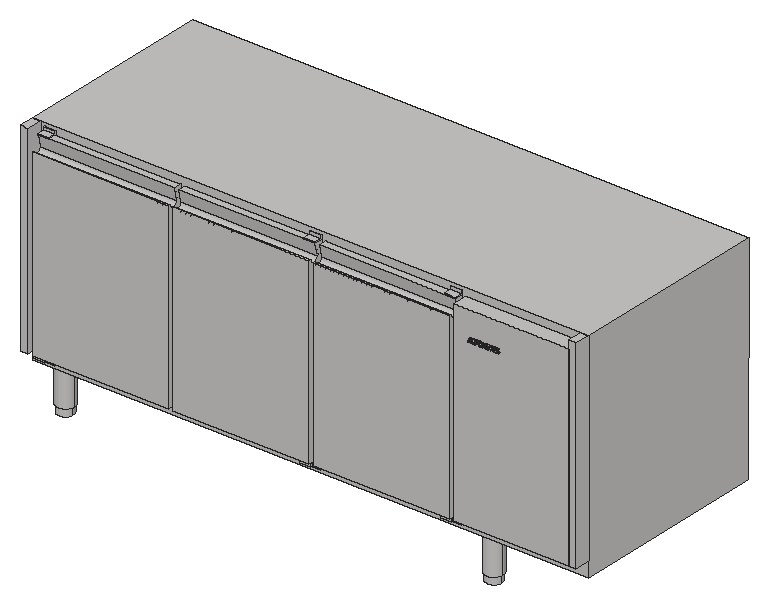
Revit family "QF_ALPENINOX_712277_AH3K5AAA", category Attrezzature speciali, Revit 2018 (continued)
Definition of nested family "HPP_APX_BI_BT_R"
  Lines and regions (mm)
    Split face 119
      outline origin (12.5, -216, 50) x (1, 0, 0) y (0, 1, 0)
        loop
          arc (39.036, 215.824) -> (35.036, 211.824) -> (39.036, 207.824) r 4
          line (39.036, 207.824) -> (81.036, 207.824)
          arc (81.036, 207.824) -> (85.036, 211.824) -> (81.036, 215.824) r 4
          line (81.036, 215.824) -> (39.036, 215.824)
    Split face 120
      outline origin (12.5, -216, 50) x (1, 0, 0) y (0, 1, 0)
        loop
          arc (94.036, 215.824) -> (90.036, 211.824) -> (94.036, 207.824) r 4
          line (94.036, 207.824) -> (136.036, 207.824)
          arc (136.036, 207.824) -> (140.036, 211.824) -> (136.036, 215.824) r 4
          line (136.036, 215.824) -> (94.036, 215.824)
    Split face 121
      outline origin (12.5, -240, 50) x (1, 0, 0) y (0, 1, 0)
        loop
          arc (39.036, 227.824) -> (35.036, 223.824) -> (39.036, 219.824) r 4
          line (39.036, 219.824) -> (81.036, 219.824)
          arc (81.036, 219.824) -> (85.036, 223.824) -> (81.036, 227.824) r 4
          line (81.036, 227.824) -> (39.036, 227.824)
    Split face 122
      outline origin (12.5, -240, 50) x (1, 0, 0) y (0, 1, 0)
        loop
          arc (94.036, 227.824) -> (90.036, 223.824) -> (94.036, 219.824) r 4
          line (94.036, 219.824) -> (136.036, 219.824)
          arc (136.036, 219.824) -> (140.036, 223.824) -> (136.036, 227.824) r 4
          line (136.036, 227.824) -> (94.036, 227.824)
    Split face 123
      outline origin (12.5, -264, 50) x (1, 0, 0) y (0, 1, 0)
        loop
          arc (39.036, 239.824) -> (35.036, 235.824) -> (39.036, 231.824) r 4
          line (39.036, 231.824) -> (81.036, 231.824)
          arc (81.036, 231.824) -> (85.036, 235.824) -> (81.036, 239.824) r 4
          line (81.036, 239.824) -> (39.036, 239.824)
    Split face 124
      outline origin (12.5, -264, 50) x (1, 0, 0) y (0, 1, 0)
        loop
          arc (94.036, 239.824) -> (90.036, 235.824) -> (94.036, 231.824) r 4
          line (94.036, 231.824) -> (136.036, 231.824)
          arc (136.036, 231.824) -> (140.036, 235.824) -> (136.036, 239.824) r 4
          line (136.036, 239.824) -> (94.036, 239.824)
    Split face 125
      outline origin (12.5, -288, 50) x (1, 0, 0) y (0, 1, 0)
        loop
          arc (39.036, 251.824) -> (35.036, 247.824) -> (39.036, 243.824) r 4
          line (39.036, 243.824) -> (81.036, 243.824)
          arc (81.036, 243.824) -> (85.036, 247.824) -> (81.036, 251.824) r 4
          line (81.036, 251.824) -> (39.036, 251.824)
    Split face 126
      outline origin (12.5, -288, 50) x (1, 0, 0) y (0, 1, 0)
        loop
          arc (94.036, 251.824) -> (90.036, 247.824) -> (94.036, 243.824) r 4
          line (94.036, 243.824) -> (136.036, 243.824)
          arc (136.036, 243.824) -> (140.036, 247.824) -> (136.036, 251.824) r 4
          line (136.036, 251.824) -> (94.036, 251.824)
    Split face 127
      outline origin (12.5, -312, 50) x (1, 0, 0) y (0, 1, 0)
        loop
          arc (39.036, 263.824) -> (35.036, 259.824) -> (39.036, 255.824) r 4
          line (39.036, 255.824) -> (81.036, 255.824)
          arc (81.036, 255.824) -> (85.036, 259.824) -> (81.036, 263.824) r 4
          line (81.036, 263.824) -> (39.036, 263.824)
    Split face 128
      outline origin (12.5, -312, 50) x (1, 0, 0) y (0, 1, 0)
        loop
          arc (94.036, 263.824) -> (90.036, 259.824) -> (94.036, 255.824) r 4
          line (94.036, 255.824) -> (136.036, 255.824)
          arc (136.036, 255.824) -> (140.036, 259.824) -> (136.036, 263.824) r 4
          line (136.036, 263.824) -> (94.036, 263.824)
    Split face 129
      outline origin (12.5, -336, 50) x (1, 0, 0) y (0, 1, 0)
        loop
          arc (39.036, 275.824) -> (35.036, 271.824) -> (39.036, 267.824) r 4
          line (39.036, 267.824) -> (81.036, 267.824)
          arc (81.036, 267.824) -> (85.036, 271.824) -> (81.036, 275.824) r 4
          line (81.036, 275.824) -> (39.036, 275.824)
    Split face 130
      outline origin (12.5, -336, 50) x (1, 0, 0) y (0, 1, 0)
        loop
          arc (94.036, 275.824) -> (90.036, 271.824) -> (94.036, 267.824) r 4
          line (94.036, 267.824) -> (136.036, 267.824)
          arc (136.036, 267.824) -> (140.036, 271.824) -> (136.036, 275.824) r 4
          line (136.036, 275.824) -> (94.036, 275.824)
    Split face 131
      outline origin (12.5, -360, 50) x (1, 0, 0) y (0, 1, 0)
        loop
          arc (39.036, 287.824) -> (35.036, 283.824) -> (39.036, 279.824) r 4
          line (39.036, 279.824) -> (81.036, 279.824)
          arc (81.036, 279.824) -> (85.036, 283.824) -> (81.036, 287.824) r 4
          line (81.036, 287.824) -> (39.036, 287.824)
    Split face 132
      outline origin (12.5, -360, 50) x (1, 0, 0) y (0, 1, 0)
        loop
          arc (94.036, 287.824) -> (90.036, 283.824) -> (94.036, 279.824) r 4
          line (94.036, 279.824) -> (136.036, 279.824)
          arc (136.036, 279.824) -> (140.036, 283.824) -> (136.036, 287.824) r 4
          line (136.036, 287.824) -> (94.036, 287.824)
    Split face 133
      outline origin (12.5, -663.3, 50) x (1, 0, 0) y (0, 1, 0)
        loop
          arc (39.036, 463.474) -> (35.036, 459.474) -> (39.036, 455.474) r 4
          line (39.036, 455.474) -> (81.036, 455.474)
          arc (81.036, 455.474) -> (85.036, 459.474) -> (81.036, 463.474) r 4
          line (81.036, 463.474) -> (39.036, 463.474)
    Split face 134
      outline origin (12.5, -663.3, 50) x (1, 0, 0) y (0, 1, 0)
        loop
          arc (94.036, 463.474) -> (90.036, 459.474) -> (94.036, 455.474) r 4
          line (94.036, 455.474) -> (136.036, 455.474)
          arc (136.036, 455.474) -> (140.036, 459.474) -> (136.036, 463.474) r 4
          line (136.036, 463.474) -> (94.036, 463.474)
    Split face 135
      outline origin (12.5, -687.3, 50) x (1, 0, 0) y (0, 1, 0)
        loop
          arc (39.036, 475.474) -> (35.036, 471.474) -> (39.036, 467.474) r 4
          line (39.036, 467.474) -> (81.036, 467.474)
          arc (81.036, 467.474) -> (85.036, 471.474) -> (81.036, 475.474) r 4
          line (81.036, 475.474) -> (39.036, 475.474)
    Split face 136
      outline origin (12.5, -687.3, 50) x (1, 0, 0) y (0, 1, 0)
        loop
          arc (94.036, 475.474) -> (90.036, 471.474) -> (94.036, 467.474) r 4
          line (94.036, 467.474) -> (136.036, 467.474)
          arc (136.036, 467.474) -> (140.036, 471.474) -> (136.036, 475.474) r 4
          line (136.036, 475.474) -> (94.036, 475.474)
    Split face 137
      outline origin (12.5, -711.3, 50) x (1, 0, 0) y (0, 1, 0)
        loop
          arc (39.036, 487.474) -> (35.036, 483.474) -> (39.036, 479.474) r 4
          line (39.036, 479.474) -> (81.036, 479.474)
          arc (81.036, 479.474) -> (85.036, 483.474) -> (81.036, 487.474) r 4
          line (81.036, 487.474) -> (39.036, 487.474)
    Split face 138
      outline origin (12.5, -711.3, 50) x (1, 0, 0) y (0, 1, 0)
        loop
          arc (94.036, 487.474) -> (90.036, 483.474) -> (94.036, 479.474) r 4
          line (94.036, 479.474) -> (136.036, 479.474)
          arc (136.036, 479.474) -> (140.036, 483.474) -> (136.036, 487.474) r 4
          line (136.036, 487.474) -> (94.036, 487.474)
    Split face 139
      outline origin (12.5, -735.3, 50) x (1, 0, 0) y (0, 1, 0)
        loop
          arc (39.036, 499.474) -> (35.036, 495.474) -> (39.036, 491.474) r 4
          line (39.036, 491.474) -> (81.036, 491.474)
          arc (81.036, 491.474) -> (85.036, 495.474) -> (81.036, 499.474) r 4
          line (81.036, 499.474) -> (39.036, 499.474)
    Split face 140
      outline origin (12.5, -735.3, 50) x (1, 0, 0) y (0, 1, 0)
        loop
          arc (94.036, 499.474) -> (90.036, 495.474) -> (94.036, 491.474) r 4
          line (94.036, 491.474) -> (136.036, 491.474)
          arc (136.036, 491.474) -> (140.036, 495.474) -> (136.036, 499.474) r 4
          line (136.036, 499.474) -> (94.036, 499.474)
    Split face 141
      outline origin (12.5, -759.3, 50) x (1, 0, 0) y (0, 1, 0)
        loop
          arc (39.036, 511.474) -> (35.036, 507.474) -> (39.036, 503.474) r 4
          line (39.036, 503.474) -> (81.036, 503.474)
          arc (81.036, 503.474) -> (85.036, 507.474) -> (81.036, 511.474) r 4
          line (81.036, 511.474) -> (39.036, 511.474)
    Split face 142
      outline origin (12.5, -759.3, 50) x (1, 0, 0) y (0, 1, 0)
        loop
          arc (94.036, 511.474) -> (90.036, 507.474) -> (94.036, 503.474) r 4
          line (94.036, 503.474) -> (136.036, 503.474)
          arc (136.036, 503.474) -> (140.036, 507.474) -> (136.036, 511.474) r 4
          line (136.036, 511.474) -> (94.036, 511.474)
    Split face 143
      outline origin (12.5, -783.3, 50) x (1, 0, 0) y (0, 1, 0)
        loop
          arc (39.036, 523.474) -> (35.036, 519.474) -> (39.036, 515.474) r 4
          line (39.036, 515.474) -> (81.036, 515.474)
          arc (81.036, 515.474) -> (85.036, 519.474) -> (81.036, 523.474) r 4
          line (81.036, 523.474) -> (39.036, 523.474)
    Split face 144
      outline origin (12.5, -783.3, 50) x (1, 0, 0) y (0, 1, 0)
        loop
          arc (94.036, 523.474) -> (90.036, 519.474) -> (94.036, 515.474) r 4
          line (94.036, 515.474) -> (136.036, 515.474)
          arc (136.036, 515.474) -> (140.036, 519.474) -> (136.036, 523.474) r 4
          line (136.036, 523.474) -> (94.036, 523.474)
    Split face 145
      outline origin (12.5, -807.3, 50) x (1, 0, 0) y (0, 1, 0)
        loop
          arc (39.036, 535.474) -> (35.036, 531.474) -> (39.036, 527.474) r 4
          line (39.036, 527.474) -> (81.036, 527.474)
          arc (81.036, 527.474) -> (85.036, 531.474) -> (81.036, 535.474) r 4
          line (81.036, 535.474) -> (39.036, 535.474)
    Split face 146
      outline origin (12.5, -807.3, 50) x (1, 0, 0) y (0, 1, 0)
        loop
          arc (94.036, 535.474) -> (90.036, 531.474) -> (94.036, 527.474) r 4
          line (94.036, 527.474) -> (136.036, 527.474)
          arc (136.036, 527.474) -> (140.036, 531.474) -> (136.036, 535.474) r 4
          line (136.036, 535.474) -> (94.036, 535.474)
    Split face 147
      outline origin (12.5, -831.3, 50) x (1, 0, 0) y (0, 1, 0)
        loop
          arc (39.036, 547.474) -> (35.036, 543.474) -> (39.036, 539.474) r 4
          line (39.036, 539.474) -> (81.036, 539.474)
          arc (81.036, 539.474) -> (85.036, 543.474) -> (81.036, 547.474) r 4
          line (81.036, 547.474) -> (39.036, 547.474)
    Split face 148
      outline origin (12.5, -831.3, 50) x (1, 0, 0) y (0, 1, 0)
        loop
          arc (94.036, 547.474) -> (90.036, 543.474) -> (94.036, 539.474) r 4
          line (94.036, 539.474) -> (136.036, 539.474)
          arc (136.036, 539.474) -> (140.036, 543.474) -> (136.036, 547.474) r 4
          line (136.036, 547.474) -> (94.036, 547.474)
    Split face 149
      outline origin (12.5, -855.3, 50) x (1, 0, 0) y (0, 1, 0)
        loop
          arc (39.036, 559.474) -> (35.036, 555.474) -> (39.036, 551.474) r 4
          line (39.036, 551.474) -> (81.036, 551.474)
          arc (81.036, 551.474) -> (85.036, 555.474) -> (81.036, 559.474) r 4
          line (81.036, 559.474) -> (39.036, 559.474)
    Split face 150
      outline origin (12.5, -855.3, 50) x (1, 0, 0) y (0, 1, 0)
        loop
          arc (94.036, 559.474) -> (90.036, 555.474) -> (94.036, 551.474) r 4
          line (94.036, 551.474) -> (136.036, 551.474)
          arc (136.036, 551.474) -> (140.036, 555.474) -> (136.036, 559.474) r 4
          line (136.036, 559.474) -> (94.036, 559.474)
    Split face 151
      outline origin (12.5, -879.3, 50) x (1, 0, 0) y (0, 1, 0)
        loop
          arc (39.036, 571.474) -> (35.036, 567.474) -> (39.036, 563.474) r 4
          line (39.036, 563.474) -> (81.036, 563.474)
          arc (81.036, 563.474) -> (85.036, 567.474) -> (81.036, 571.474) r 4
          line (81.036, 571.474) -> (39.036, 571.474)
    Split face 152
      outline origin (12.5, -879.3, 50) x (1, 0, 0) y (0, 1, 0)
        loop
          arc (94.036, 571.474) -> (90.036, 567.474) -> (94.036, 563.474) r 4
          line (94.036, 563.474) -> (136.036, 563.474)
          arc (136.036, 563.474) -> (140.036, 567.474) -> (136.036, 571.474) r 4
          line (136.036, 571.474) -> (94.036, 571.474)
    Split face 153
      outline origin (12.5, -903.3, 50) x (1, 0, 0) y (0, 1, 0)
        loop
          arc (39.036, 583.474) -> (35.036, 579.474) -> (39.036, 575.474) r 4
          line (39.036, 575.474) -> (81.036, 575.474)
          arc (81.036, 575.474) -> (85.036, 579.474) -> (81.036, 583.474) r 4
          line (81.036, 583.474) -> (39.036, 583.474)
    Split face 154
      outline origin (12.5, -903.3, 50) x (1, 0, 0) y (0, 1, 0)
        loop
          arc (94.036, 583.474) -> (90.036, 579.474) -> (94.036, 575.474) r 4
          line (94.036, 575.474) -> (136.036, 575.474)
          arc (136.036, 575.474) -> (140.036, 579.474) -> (136.036, 583.474) r 4
          line (136.036, 583.474) -> (94.036, 583.474)
    Split face 155
      outline origin (12.5, -927.3, 50) x (1, 0, 0) y (0, 1, 0)
        loop
          arc (39.036, 595.474) -> (35.036, 591.474) -> (39.036, 587.474) r 4
          line (39.036, 587.474) -> (81.036, 587.474)
          arc (81.036, 587.474) -> (85.036, 591.474) -> (81.036, 595.474) r 4
          line (81.036, 595.474) -> (39.036, 595.474)
    Split face 156
      outline origin (12.5, -927.3, 50) x (1, 0, 0) y (0, 1, 0)
        loop
          arc (94.036, 595.474) -> (90.036, 591.474) -> (94.036, 587.474) r 4
          line (94.036, 587.474) -> (136.036, 587.474)
          arc (136.036, 587.474) -> (140.036, 591.474) -> (136.036, 595.474) r 4
          line (136.036, 595.474) -> (94.036, 595.474)
    Split face 157
      outline origin (12.5, -951.3, 50) x (1, 0, 0) y (0, 1, 0)
        loop
          arc (39.036, 607.474) -> (35.036, 603.474) -> (39.036, 599.474) r 4
          line (39.036, 599.474) -> (81.036, 599.474)
          arc (81.036, 599.474) -> (85.036, 603.474) -> (81.036, 607.474) r 4
          line (81.036, 607.474) -> (39.036, 607.474)
    Split face 158
      outline origin (12.5, -951.3, 50) x (1, 0, 0) y (0, 1, 0)
        loop
          arc (94.036, 607.474) -> (90.036, 603.474) -> (94.036, 599.474) r 4
          line (94.036, 599.474) -> (136.036, 599.474)
          arc (136.036, 599.474) -> (140.036, 603.474) -> (136.036, 607.474) r 4
          line (136.036, 607.474) -> (94.036, 607.474)
    Split face 159
      outline origin (12.5, -975.3, 50) x (1, 0, 0) y (0, 1, 0)
        loop
          arc (39.036, 619.474) -> (35.036, 615.474) -> (39.036, 611.474) r 4
          line (39.036, 611.474) -> (81.036, 611.474)
          arc (81.036, 611.474) -> (85.036, 615.474) -> (81.036, 619.474) r 4
          line (81.036, 619.474) -> (39.036, 619.474)
    Split face 160
      outline origin (12.5, -975.3, 50) x (1, 0, 0) y (0, 1, 0)
        loop
          arc (94.036, 619.474) -> (90.036, 615.474) -> (94.036, 611.474) r 4
          line (94.036, 611.474) -> (136.036, 611.474)
          arc (136.036, 611.474) -> (140.036, 615.474) -> (136.036, 619.474) r 4
          line (136.036, 619.474) -> (94.036, 619.474)
    Split face 161
      outline origin (12.5, -999.3, 50) x (1, 0, 0) y (0, 1, 0)
        loop
          arc (39.036, 631.474) -> (35.036, 627.474) -> (39.036, 623.474) r 4
          line (39.036, 623.474) -> (81.036, 623.474)
          arc (81.036, 623.474) -> (85.036, 627.474) -> (81.036, 631.474) r 4
          line (81.036, 631.474) -> (39.036, 631.474)
    Split face 162
      outline origin (12.5, -999.3, 50) x (1, 0, 0) y (0, 1, 0)
        loop
          arc (94.036, 631.474) -> (90.036, 627.474) -> (94.036, 623.474) r 4
          line (94.036, 623.474) -> (136.036, 623.474)
          arc (136.036, 623.474) -> (140.036, 627.474) -> (136.036, 631.474) r 4
          line (136.036, 631.474) -> (94.036, 631.474)
    Split face 163
      outline origin (12.5, -1023.3, 50) x (1, 0, 0) y (0, 1, 0)
        loop
          arc (39.036, 643.474) -> (35.036, 639.474) -> (39.036, 635.474) r 4
          line (39.036, 635.474) -> (81.036, 635.474)
          arc (81.036, 635.474) -> (85.036, 639.474) -> (81.036, 643.474) r 4
          line (81.036, 643.474) -> (39.036, 643.474)
    Split face 164
      outline origin (12.5, -1023.3, 50) x (1, 0, 0) y (0, 1, 0)
        loop
          arc (94.036, 643.474) -> (90.036, 639.474) -> (94.036, 635.474) r 4
          line (94.036, 635.474) -> (136.036, 635.474)
          arc (136.036, 635.474) -> (140.036, 639.474) -> (136.036, 643.474) r 4
          line (136.036, 643.474) -> (94.036, 643.474)
    Split face 165
      outline origin (100, 0, 50) x (1, 0, 0) y (0, 1, 0)
        loop
          line (74.58, 159) -> (-247.92, 159)
          arc (-247.92, 159) -> (-265.42, 141.5) -> (-247.92, 124) r 17.5
          line (-247.92, 124) -> (74.58, 124)
    Split face 166
      outline origin (147.5, 0, 50) x (1, 0, 0) y (0, 1, 0)
        loop
          arc (-205.964, 107.824) -> (-209.964, 103.824) -> (-205.964, 99.824) r 4
          line (-205.964, 99.824) -> (-163.964, 99.824)
          arc (-163.964, 99.824) -> (-159.964, 103.824) -> (-163.964, 107.824) r 4
          line (-163.964, 107.824) -> (-205.964, 107.824)
    Split face 167
      outline origin (147.5, -24, 50) x (1, 0, 0) y (0, 1, 0)
        loop
          arc (-205.964, 119.824) -> (-209.964, 115.824) -> (-205.964, 111.824) r 4
          line (-205.964, 111.824) -> (-163.964, 111.824)
          arc (-163.964, 111.824) -> (-159.964, 115.824) -> (-163.964, 119.824) r 4
          line (-163.964, 119.824) -> (-205.964, 119.824)
    Split face 168
      outline origin (147.5, -48, 50) x (1, 0, 0) y (0, 1, 0)
        loop
          arc (-205.964, 131.824) -> (-209.964, 127.824) -> (-205.964, 123.824) r 4
          line (-205.964, 123.824) -> (-163.964, 123.824)
          arc (-163.964, 123.824) -> (-159.964, 127.824) -> (-163.964, 131.824) r 4
          line (-163.964, 131.824) -> (-205.964, 131.824)
    Split face 169
      outline origin (147.5, -72, 50) x (1, 0, 0) y (0, 1, 0)
        loop
          arc (-205.964, 143.824) -> (-209.964, 139.824) -> (-205.964, 135.824) r 4
          line (-205.964, 135.824) -> (-163.964, 135.824)
          arc (-163.964, 135.824) -> (-159.964, 139.824) -> (-163.964, 143.824) r 4
          line (-163.964, 143.824) -> (-205.964, 143.824)
    Split face 170
      outline origin (147.5, -96, 50) x (1, 0, 0) y (0, 1, 0)
        loop
          arc (-205.964, 155.824) -> (-209.964, 151.824) -> (-205.964, 147.824) r 4
          line (-205.964, 147.824) -> (-163.964, 147.824)
          arc (-163.964, 147.824) -> (-159.964, 151.824) -> (-163.964, 155.824) r 4
          line (-163.964, 155.824) -> (-205.964, 155.824)
    Split face 171
      outline origin (147.5, -120, 50) x (1, 0, 0) y (0, 1, 0)
        loop
          arc (-205.964, 167.824) -> (-209.964, 163.824) -> (-205.964, 159.824) r 4
          line (-205.964, 159.824) -> (-163.964, 159.824)
          arc (-163.964, 159.824) -> (-159.964, 163.824) -> (-163.964, 167.824) r 4
          line (-163.964, 167.824) -> (-205.964, 167.824)
    Split face 172
      outline origin (147.5, -144, 50) x (1, 0, 0) y (0, 1, 0)
        loop
          arc (-205.964, 179.824) -> (-209.964, 175.824) -> (-205.964, 171.824) r 4
          line (-205.964, 171.824) -> (-163.964, 171.824)
          arc (-163.964, 171.824) -> (-159.964, 175.824) -> (-163.964, 179.824) r 4
          line (-163.964, 179.824) -> (-205.964, 179.824)
    Split face 173
      outline origin (147.5, -168, 50) x (1, 0, 0) y (0, 1, 0)
        loop
          arc (-205.964, 191.824) -> (-209.964, 187.824) -> (-205.964, 183.824) r 4
          line (-205.964, 183.824) -> (-163.964, 183.824)
          arc (-163.964, 183.824) -> (-159.964, 187.824) -> (-163.964, 191.824) r 4
          line (-163.964, 191.824) -> (-205.964, 191.824)
    Split face 174
      outline origin (147.5, -192, 50) x (1, 0, 0) y (0, 1, 0)
        loop
          arc (-205.964, 203.824) -> (-209.964, 199.824) -> (-205.964, 195.824) r 4
          line (-205.964, 195.824) -> (-163.964, 195.824)
          arc (-163.964, 195.824) -> (-159.964, 199.824) -> (-163.964, 203.824) r 4
          line (-163.964, 203.824) -> (-205.964, 203.824)
    Split face 175
      outline origin (147.5, -216, 50) x (1, 0, 0) y (0, 1, 0)
        loop
          arc (-205.964, 215.824) -> (-209.964, 211.824) -> (-205.964, 207.824) r 4
          line (-205.964, 207.824) -> (-163.964, 207.824)
          arc (-163.964, 207.824) -> (-159.964, 211.824) -> (-163.964, 215.824) r 4
          line (-163.964, 215.824) -> (-205.964, 215.824)
    Split face 176
      outline origin (147.5, -240, 50) x (1, 0, 0) y (0, 1, 0)
        loop
          arc (-205.964, 227.824) -> (-209.964, 223.824) -> (-205.964, 219.824) r 4
          line (-205.964, 219.824) -> (-163.964, 219.824)
          arc (-163.964, 219.824) -> (-159.964, 223.824) -> (-163.964, 227.824) r 4
          line (-163.964, 227.824) -> (-205.964, 227.824)
    Split face 177
      outline origin (147.5, -264, 50) x (1, 0, 0) y (0, 1, 0)
        loop
          arc (-205.964, 239.824) -> (-209.964, 235.824) -> (-205.964, 231.824) r 4
          line (-205.964, 231.824) -> (-163.964, 231.824)
          arc (-163.964, 231.824) -> (-159.964, 235.824) -> (-163.964, 239.824) r 4
          line (-163.964, 239.824) -> (-205.964, 239.824)
    Split face 178
      outline origin (147.5, -288, 50) x (1, 0, 0) y (0, 1, 0)
        loop
          arc (-205.964, 251.824) -> (-209.964, 247.824) -> (-205.964, 243.824) r 4
          line (-205.964, 243.824) -> (-163.964, 243.824)
          arc (-163.964, 243.824) -> (-159.964, 247.824) -> (-163.964, 251.824) r 4
          line (-163.964, 251.824) -> (-205.964, 251.824)
    Split face 179
      outline origin (147.5, -312, 50) x (1, 0, 0) y (0, 1, 0)
        loop
          arc (-205.964, 263.824) -> (-209.964, 259.824) -> (-205.964, 255.824) r 4
          line (-205.964, 255.824) -> (-163.964, 255.824)
          arc (-163.964, 255.824) -> (-159.964, 259.824) -> (-163.964, 263.824) r 4
          line (-163.964, 263.824) -> (-205.964, 263.824)
    Split face 180
      outline origin (147.5, -336, 50) x (1, 0, 0) y (0, 1, 0)
        loop
          arc (-205.964, 275.824) -> (-209.964, 271.824) -> (-205.964, 267.824) r 4
          line (-205.964, 267.824) -> (-163.964, 267.824)
          arc (-163.964, 267.824) -> (-159.964, 271.824) -> (-163.964, 275.824) r 4
          line (-163.964, 275.824) -> (-205.964, 275.824)
    Split face 181
      outline origin (147.5, -360, 50) x (1, 0, 0) y (0, 1, 0)
        loop
          arc (-205.964, 287.824) -> (-209.964, 283.824) -> (-205.964, 279.824) r 4
          line (-205.964, 279.824) -> (-163.964, 279.824)
          arc (-163.964, 279.824) -> (-159.964, 283.824) -> (-163.964, 287.824) r 4
          line (-163.964, 287.824) -> (-205.964, 287.824)
    Split face 182
      outline origin (147.5, -663.3, 50) x (1, 0, 0) y (0, 1, 0)
        loop
          arc (-205.964, 463.474) -> (-209.964, 459.474) -> (-205.964, 455.474) r 4
          line (-205.964, 455.474) -> (-163.964, 455.474)
          arc (-163.964, 455.474) -> (-159.964, 459.474) -> (-163.964, 463.474) r 4
          line (-163.964, 463.474) -> (-205.964, 463.474)
    Split face 183
      outline origin (147.5, -687.3, 50) x (1, 0, 0) y (0, 1, 0)
        loop
          arc (-205.964, 475.474) -> (-209.964, 471.474) -> (-205.964, 467.474) r 4
          line (-205.964, 467.474) -> (-163.964, 467.474)
          arc (-163.964, 467.474) -> (-159.964, 471.474) -> (-163.964, 475.474) r 4
          line (-163.964, 475.474) -> (-205.964, 475.474)
    Split face 184
      outline origin (147.5, -711.3, 50) x (1, 0, 0) y (0, 1, 0)
        loop
          arc (-205.964, 487.474) -> (-209.964, 483.474) -> (-205.964, 479.474) r 4
          line (-205.964, 479.474) -> (-163.964, 479.474)
          arc (-163.964, 479.474) -> (-159.964, 483.474) -> (-163.964, 487.474) r 4
          line (-163.964, 487.474) -> (-205.964, 487.474)
    Split face 185
      outline origin (147.5, -735.3, 50) x (1, 0, 0) y (0, 1, 0)
        loop
          arc (-205.964, 499.474) -> (-209.964, 495.474) -> (-205.964, 491.474) r 4
          line (-205.964, 491.474) -> (-163.964, 491.474)
          arc (-163.964, 491.474) -> (-159.964, 495.474) -> (-163.964, 499.474) r 4
          line (-163.964, 499.474) -> (-205.964, 499.474)
    Split face 186
      outline origin (147.5, -759.3, 50) x (1, 0, 0) y (0, 1, 0)
        loop
          arc (-205.964, 511.474) -> (-209.964, 507.474) -> (-205.964, 503.474) r 4
          line (-205.964, 503.474) -> (-163.964, 503.474)
          arc (-163.964, 503.474) -> (-159.964, 507.474) -> (-163.964, 511.474) r 4
          line (-163.964, 511.474) -> (-205.964, 511.474)
    Split face 187
      outline origin (147.5, -783.3, 50) x (1, 0, 0) y (0, 1, 0)
        loop
          arc (-205.964, 523.474) -> (-209.964, 519.474) -> (-205.964, 515.474) r 4
          line (-205.964, 515.474) -> (-163.964, 515.474)
          arc (-163.964, 515.474) -> (-159.964, 519.474) -> (-163.964, 523.474) r 4
          line (-163.964, 523.474) -> (-205.964, 523.474)
    Split face 188
      outline origin (147.5, -807.3, 50) x (1, 0, 0) y (0, 1, 0)
        loop
          arc (-205.964, 535.474) -> (-209.964, 531.474) -> (-205.964, 527.474) r 4
          line (-205.964, 527.474) -> (-163.964, 527.474)
          arc (-163.964, 527.474) -> (-159.964, 531.474) -> (-163.964, 535.474) r 4
          line (-163.964, 535.474) -> (-205.964, 535.474)
    Split face 189
      outline origin (147.5, -831.3, 50) x (1, 0, 0) y (0, 1, 0)
        loop
          arc (-205.964, 547.474) -> (-209.964, 543.474) -> (-205.964, 539.474) r 4
          line (-205.964, 539.474) -> (-163.964, 539.474)
          arc (-163.964, 539.474) -> (-159.964, 543.474) -> (-163.964, 547.474) r 4
          line (-163.964, 547.474) -> (-205.964, 547.474)
    Split face 190
      outline origin (147.5, -855.3, 50) x (1, 0, 0) y (0, 1, 0)
        loop
          arc (-205.964, 559.474) -> (-209.964, 555.474) -> (-205.964, 551.474) r 4
          line (-205.964, 551.474) -> (-163.964, 551.474)
          arc (-163.964, 551.474) -> (-159.964, 555.474) -> (-163.964, 559.474) r 4
          line (-163.964, 559.474) -> (-205.964, 559.474)
    Split face 191
      outline origin (147.5, -879.3, 50) x (1, 0, 0) y (0, 1, 0)
        loop
          arc (-205.964, 571.474) -> (-209.964, 567.474) -> (-205.964, 563.474) r 4
          line (-205.964, 563.474) -> (-163.964, 563.474)
          arc (-163.964, 563.474) -> (-159.964, 567.474) -> (-163.964, 571.474) r 4
          line (-163.964, 571.474) -> (-205.964, 571.474)
    Split face 192
      outline origin (147.5, -903.3, 50) x (1, 0, 0) y (0, 1, 0)
        loop
          arc (-205.964, 583.474) -> (-209.964, 579.474) -> (-205.964, 575.474) r 4
          line (-205.964, 575.474) -> (-163.964, 575.474)
          arc (-163.964, 575.474) -> (-159.964, 579.474) -> (-163.964, 583.474) r 4
          line (-163.964, 583.474) -> (-205.964, 583.474)
    Split face 193
      outline origin (147.5, -927.3, 50) x (1, 0, 0) y (0, 1, 0)
        loop
          arc (-205.964, 595.474) -> (-209.964, 591.474) -> (-205.964, 587.474) r 4
          line (-205.964, 587.474) -> (-163.964, 587.474)
          arc (-163.964, 587.474) -> (-159.964, 591.474) -> (-163.964, 595.474) r 4
          line (-163.964, 595.474) -> (-205.964, 595.474)
    Split face 194
      outline origin (147.5, -951.3, 50) x (1, 0, 0) y (0, 1, 0)
        loop
          arc (-205.964, 607.474) -> (-209.964, 603.474) -> (-205.964, 599.474) r 4
          line (-205.964, 599.474) -> (-163.964, 599.474)
          arc (-163.964, 599.474) -> (-159.964, 603.474) -> (-163.964, 607.474) r 4
          line (-163.964, 607.474) -> (-205.964, 607.474)
    Split face 195
      outline origin (147.5, -975.3, 50) x (1, 0, 0) y (0, 1, 0)
        loop
          arc (-205.964, 619.474) -> (-209.964, 615.474) -> (-205.964, 611.474) r 4
          line (-205.964, 611.474) -> (-163.964, 611.474)
          arc (-163.964, 611.474) -> (-159.964, 615.474) -> (-163.964, 619.474) r 4
          line (-163.964, 619.474) -> (-205.964, 619.474)
    Split face 196
      outline origin (147.5, -999.3, 50) x (1, 0, 0) y (0, 1, 0)
        loop
          arc (-205.964, 631.474) -> (-209.964, 627.474) -> (-205.964, 623.474) r 4
          line (-205.964, 623.474) -> (-163.964, 623.474)
          arc (-163.964, 623.474) -> (-159.964, 627.474) -> (-163.964, 631.474) r 4
          line (-163.964, 631.474) -> (-205.964, 631.474)
    Split face 197
      outline origin (147.5, -1023.3, 50) x (1, 0, 0) y (0, 1, 0)
        loop
          arc (-205.964, 643.474) -> (-209.964, 639.474) -> (-205.964, 635.474) r 4
          line (-205.964, 635.474) -> (-163.964, 635.474)
          arc (-163.964, 635.474) -> (-159.964, 639.474) -> (-163.964, 643.474) r 4
          line (-163.964, 643.474) -> (-205.964, 643.474)
    symbolic lines
      curve 1: line (174.58, -86, 50) -> (174.58, -86, 0)
  Dimensions and locks
    equal spacing: plane 6, plane 1 "Center (Front/Back)", plane 7
    equal spacing: plane 4, plane 3 "Center (Left/Right)", plane 5
    plane 4 to plane 5 = 369 mm
    plane 6 to plane 7 = 628 mm
    aligned and locked: plane 2 to Extrusion 1
    aligned and locked: level to Extrusion 1
  Automatic sketch dimensions
    curve 1 to level = 0 mm
    curve 1 to plane 5 = 0 mm
    level to curve 1 = 50 mm
    Extrusion 1 sketch curve to Extrusion 1 sketch curve = 2438.4 mm  (x2)
    Extrusion 2 sketch curve to plane 4 = 0 mm
    Extrusion 2 sketch curve to plane 5 = 0 mm
    Extrusion 2 sketch curve to plane 7 = 0 mm
    Extrusion 2 sketch curve to plane 6 = 0 mm
    Split face 1 sketch curve to Extrusion 2 = 176 mm
    Split face 1 sketch curve to Split face 1 sketch curve = 70 mm
    Split face 1 sketch curve to Extrusion 2 = 98 mm
    Split face 1 sketch curve to Split face 1 sketch curve = 23 mm
    Split face 2 sketch curve to Extrusion 2 = 143 mm
    Split face 2 sketch curve to Split face 2 sketch curve = 17 mm  (x2)
    Split face 2 sketch curve to Extrusion 2 = 95 mm
    Split face 3 sketch curve to Extrusion 2 = 0 mm  (x2)
    Split face 3 sketch curve to Extrusion 2 = 64 mm
    Split face 4 sketch curve to Extrusion 2 = 25.956 mm
    Split face 4 sketch curve to Split face 4 sketch curve = 42 mm
    Split face 4 sketch curve to Extrusion 2 = 128.176 mm
    Split face 4 sketch curve to Split face 4 sketch curve = 4 mm
    Split face 5 sketch curve to Extrusion 2 = 178.044 mm
    Split face 5 sketch curve to Split face 5 sketch curve = 42 mm
    Split face 5 sketch curve to Extrusion 2 = 128.176 mm
    Split face 5 sketch curve to Split face 5 sketch curve = 4 mm
    Split face 6 sketch curve to Extrusion 2 = 80.956 mm
    Split face 6 sketch curve to Split face 6 sketch curve = 42 mm
    Split face 6 sketch curve to Extrusion 2 = 128.176 mm
    Split face 6 sketch curve to Split face 6 sketch curve = 4 mm
    Split face 7 sketch curve to Extrusion 2 = 25.956 mm
    Split face 7 sketch curve to Split face 7 sketch curve = 42 mm
    Split face 7 sketch curve to Extrusion 2 = 140.176 mm
    Split face 7 sketch curve to Split face 7 sketch curve = 4 mm
    Split face 8 sketch curve to Extrusion 2 = 178.044 mm
    Split face 8 sketch curve to Split face 8 sketch curve = 42 mm
    Split face 8 sketch curve to Extrusion 2 = 140.176 mm
    Split face 8 sketch curve to Split face 8 sketch curve = 4 mm
    Split face 9 sketch curve to Extrusion 2 = 80.956 mm
    Split face 9 sketch curve to Split face 9 sketch curve = 42 mm
    Split face 9 sketch curve to Extrusion 2 = 140.176 mm
    Split face 9 sketch curve to Split face 9 sketch curve = 4 mm
    Split face 10 sketch curve to Extrusion 2 = 25.956 mm
    Split face 10 sketch curve to Split face 10 sketch curve = 42 mm
    Split face 10 sketch curve to Extrusion 2 = 152.176 mm
    Split face 10 sketch curve to Split face 10 sketch curve = 4 mm
    Split face 11 sketch curve to Extrusion 2 = 178.044 mm
    Split face 11 sketch curve to Split face 11 sketch curve = 42 mm
    Split face 11 sketch curve to Extrusion 2 = 152.176 mm
    Split face 11 sketch curve to Split face 11 sketch curve = 4 mm
    Split face 12 sketch curve to Extrusion 2 = 80.956 mm
    Split face 12 sketch curve to Split face 12 sketch curve = 42 mm
    Split face 12 sketch curve to Extrusion 2 = 152.176 mm
    Split face 12 sketch curve to Split face 12 sketch curve = 4 mm
    Split face 13 sketch curve to Extrusion 2 = 25.956 mm
    Split face 13 sketch curve to Split face 13 sketch curve = 42 mm
    Split face 13 sketch curve to Extrusion 2 = 164.176 mm
    Split face 13 sketch curve to Split face 13 sketch curve = 4 mm
    Split face 14 sketch curve to Extrusion 2 = 178.044 mm
    Split face 14 sketch curve to Split face 14 sketch curve = 42 mm
    Split face 14 sketch curve to Extrusion 2 = 164.176 mm
    Split face 14 sketch curve to Split face 14 sketch curve = 4 mm
    Split face 15 sketch curve to Extrusion 2 = 80.956 mm
    Split face 15 sketch curve to Split face 15 sketch curve = 42 mm
    Split face 15 sketch curve to Extrusion 2 = 164.176 mm
    Split face 15 sketch curve to Split face 15 sketch curve = 4 mm
    Split face 16 sketch curve to Extrusion 2 = 25.956 mm
    Split face 16 sketch curve to Split face 16 sketch curve = 42 mm
    Split face 16 sketch curve to Extrusion 2 = 176.176 mm
    Split face 16 sketch curve to Split face 16 sketch curve = 4 mm
    Split face 17 sketch curve to Extrusion 2 = 178.044 mm
    Split face 17 sketch curve to Split face 17 sketch curve = 42 mm
    Split face 17 sketch curve to Extrusion 2 = 176.176 mm
    Split face 17 sketch curve to Split face 17 sketch curve = 4 mm
    Split face 18 sketch curve to Extrusion 2 = 80.956 mm
    Split face 18 sketch curve to Split face 18 sketch curve = 42 mm
    Split face 18 sketch curve to Extrusion 2 = 176.176 mm
    Split face 18 sketch curve to Split face 18 sketch curve = 4 mm
    Split face 19 sketch curve to Extrusion 2 = 25.956 mm
    Split face 19 sketch curve to Split face 19 sketch curve = 42 mm
    Split face 19 sketch curve to Extrusion 2 = 188.176 mm
    Split face 19 sketch curve to Split face 19 sketch curve = 4 mm
    Split face 20 sketch curve to Extrusion 2 = 178.044 mm
    Split face 20 sketch curve to Split face 20 sketch curve = 42 mm
    Split face 20 sketch curve to Extrusion 2 = 188.176 mm
    Split face 20 sketch curve to Split face 20 sketch curve = 4 mm
    Split face 21 sketch curve to Extrusion 2 = 80.956 mm
    Split face 21 sketch curve to Split face 21 sketch curve = 42 mm
    Split face 21 sketch curve to Extrusion 2 = 188.176 mm
    Split face 21 sketch curve to Split face 21 sketch curve = 4 mm
    Split face 22 sketch curve to Extrusion 2 = 25.956 mm
    Split face 22 sketch curve to Split face 22 sketch curve = 42 mm
    Split face 22 sketch curve to Extrusion 2 = 200.176 mm
    Split face 22 sketch curve to Split face 22 sketch curve = 4 mm
    Split face 23 sketch curve to Extrusion 2 = 178.044 mm
    Split face 23 sketch curve to Split face 23 sketch curve = 42 mm
    Split face 23 sketch curve to Extrusion 2 = 200.176 mm
    Split face 23 sketch curve to Split face 23 sketch curve = 4 mm
    Split face 24 sketch curve to Extrusion 2 = 80.956 mm
    Split face 24 sketch curve to Split face 24 sketch curve = 42 mm
    Split face 24 sketch curve to Extrusion 2 = 200.176 mm
    Split face 24 sketch curve to Split face 24 sketch curve = 4 mm
    Split face 25 sketch curve to Extrusion 2 = 25.956 mm
    Split face 25 sketch curve to Split face 25 sketch curve = 42 mm
    Split face 25 sketch curve to Extrusion 2 = 212.176 mm
    Split face 25 sketch curve to Split face 25 sketch curve = 4 mm
    Split face 26 sketch curve to Extrusion 2 = 178.044 mm
    Split face 26 sketch curve to Split face 26 sketch curve = 42 mm
    Split face 26 sketch curve to Extrusion 2 = 212.176 mm
    Split face 26 sketch curve to Split face 26 sketch curve = 4 mm
    Split face 27 sketch curve to Extrusion 2 = 80.956 mm
    Split face 27 sketch curve to Split face 27 sketch curve = 42 mm
    Split face 27 sketch curve to Extrusion 2 = 212.176 mm
    Split face 27 sketch curve to Split face 27 sketch curve = 4 mm
    Split face 28 sketch curve to Extrusion 2 = 25.956 mm
    Split face 28 sketch curve to Split face 28 sketch curve = 42 mm
    Split face 28 sketch curve to Extrusion 2 = 224.176 mm
    Split face 28 sketch curve to Split face 28 sketch curve = 4 mm
    Split face 29 sketch curve to Extrusion 2 = 178.044 mm
    Split face 29 sketch curve to Split face 29 sketch curve = 42 mm
    Split face 29 sketch curve to Extrusion 2 = 224.176 mm
    Split face 29 sketch curve to Split face 29 sketch curve = 4 mm
    Split face 30 sketch curve to Extrusion 2 = 80.956 mm
    Split face 30 sketch curve to Split face 30 sketch curve = 42 mm
    Split face 30 sketch curve to Extrusion 2 = 224.176 mm
    Split face 30 sketch curve to Split face 30 sketch curve = 4 mm
    Split face 31 sketch curve to Extrusion 2 = 25.956 mm
    Split face 31 sketch curve to Split face 31 sketch curve = 42 mm
    Split face 31 sketch curve to Extrusion 2 = 236.176 mm
    Split face 31 sketch curve to Split face 31 sketch curve = 4 mm
    Split face 32 sketch curve to Extrusion 2 = 178.044 mm
    Split face 32 sketch curve to Split face 32 sketch curve = 42 mm
    Split face 32 sketch curve to Extrusion 2 = 236.176 mm
    Split face 32 sketch curve to Split face 32 sketch curve = 4 mm
    Split face 33 sketch curve to Extrusion 2 = 80.956 mm
    Split face 33 sketch curve to Split face 33 sketch curve = 42 mm
    Split face 33 sketch curve to Extrusion 2 = 236.176 mm
    Split face 33 sketch curve to Split face 33 sketch curve = 4 mm
    Split face 34 sketch curve to Extrusion 2 = 25.956 mm
    Split face 34 sketch curve to Split face 34 sketch curve = 42 mm
    Split face 34 sketch curve to Extrusion 2 = 248.176 mm
    Split face 34 sketch curve to Split face 34 sketch curve = 4 mm
    Split face 35 sketch curve to Extrusion 2 = 178.044 mm
    Split face 35 sketch curve to Split face 35 sketch curve = 42 mm
    Split face 35 sketch curve to Extrusion 2 = 248.176 mm
    Split face 35 sketch curve to Split face 35 sketch curve = 4 mm
    Split face 36 sketch curve to Extrusion 2 = 80.956 mm
    Split face 36 sketch curve to Split face 36 sketch curve = 42 mm
    Split face 36 sketch curve to Extrusion 2 = 248.176 mm
    Split face 36 sketch curve to Split face 36 sketch curve = 4 mm
    Split face 37 sketch curve to Extrusion 2 = 25.956 mm
    Split face 37 sketch curve to Split face 37 sketch curve = 42 mm
    Split face 37 sketch curve to Extrusion 2 = 260.176 mm
    Split face 37 sketch curve to Split face 37 sketch curve = 4 mm
    Split face 38 sketch curve to Extrusion 2 = 178.044 mm
    Split face 38 sketch curve to Split face 38 sketch curve = 42 mm
    Split face 38 sketch curve to Extrusion 2 = 260.176 mm
    Split face 38 sketch curve to Split face 38 sketch curve = 4 mm
    Split face 39 sketch curve to Extrusion 2 = 80.956 mm
    Split face 39 sketch curve to Split face 39 sketch curve = 42 mm
    Split face 39 sketch curve to Extrusion 2 = 260.176 mm
    Split face 39 sketch curve to Split face 39 sketch curve = 4 mm
    Split face 40 sketch curve to Extrusion 2 = 25.956 mm
    Split face 40 sketch curve to Split face 40 sketch curve = 42 mm
    Split face 40 sketch curve to Extrusion 2 = 272.176 mm
    Split face 40 sketch curve to Split face 40 sketch curve = 4 mm
    Split face 41 sketch curve to Extrusion 2 = 178.044 mm
    Split face 41 sketch curve to Split face 41 sketch curve = 42 mm
    Split face 41 sketch curve to Extrusion 2 = 272.176 mm
    Split face 41 sketch curve to Split face 41 sketch curve = 4 mm
    Split face 42 sketch curve to Extrusion 2 = 80.956 mm
    Split face 42 sketch curve to Split face 42 sketch curve = 42 mm
    Split face 42 sketch curve to Extrusion 2 = 272.176 mm
    Split face 42 sketch curve to Split face 42 sketch curve = 4 mm
    Split face 43 sketch curve to Extrusion 2 = 25.956 mm
    Split face 43 sketch curve to Split face 43 sketch curve = 42 mm
    Split face 43 sketch curve to Extrusion 2 = 284.176 mm
    Split face 43 sketch curve to Split face 43 sketch curve = 4 mm
    Split face 44 sketch curve to Extrusion 2 = 178.044 mm
    Split face 44 sketch curve to Split face 44 sketch curve = 42 mm
    Split face 44 sketch curve to Extrusion 2 = 284.176 mm
    Split face 44 sketch curve to Split face 44 sketch curve = 4 mm
    Split face 45 sketch curve to Extrusion 2 = 80.956 mm
    Split face 45 sketch curve to Split face 45 sketch curve = 42 mm
    Split face 45 sketch curve to Extrusion 2 = 284.176 mm
    Split face 45 sketch curve to Split face 45 sketch curve = 4 mm
    Split face 46 sketch curve to Extrusion 2 = 25.956 mm
    Split face 46 sketch curve to Split face 46 sketch curve = 42 mm
    Split face 46 sketch curve to Extrusion 2 = 296.176 mm
    Split face 46 sketch curve to Split face 46 sketch curve = 4 mm
    Split face 47 sketch curve to Extrusion 2 = 178.044 mm
    Split face 47 sketch curve to Split face 47 sketch curve = 42 mm
    Split face 47 sketch curve to Extrusion 2 = 296.176 mm
    Split face 47 sketch curve to Split face 47 sketch curve = 4 mm
    Split face 48 sketch curve to Extrusion 2 = 80.956 mm
    Split face 48 sketch curve to Split face 48 sketch curve = 42 mm
    Split face 48 sketch curve to Extrusion 2 = 296.176 mm
    Split face 48 sketch curve to Split face 48 sketch curve = 4 mm
    Split face 49 sketch curve to Extrusion 2 = 25.956 mm
    Split face 49 sketch curve to Split face 49 sketch curve = 42 mm
    Split face 49 sketch curve to Extrusion 2 = 308.176 mm
    Split face 49 sketch curve to Split face 49 sketch curve = 4 mm
    Split face 50 sketch curve to Extrusion 2 = 178.044 mm
    Split face 50 sketch curve to Split face 50 sketch curve = 42 mm
    Split face 50 sketch curve to Extrusion 2 = 308.176 mm
    Split face 50 sketch curve to Split face 50 sketch curve = 4 mm
    Split face 51 sketch curve to Extrusion 2 = 80.956 mm
    Split face 51 sketch curve to Split face 51 sketch curve = 42 mm
    Split face 51 sketch curve to Extrusion 2 = 308.176 mm
    Split face 51 sketch curve to Split face 51 sketch curve = 4 mm
    Split face 52 sketch curve to Extrusion 2 = 0 mm  (x2)
    Split face 52 sketch curve to Extrusion 2 = 109 mm
    Split face 53 sketch curve to Extrusion 2 = 25.956 mm
    Split face 53 sketch curve to Split face 53 sketch curve = 42 mm
    Split face 53 sketch curve to Extrusion 2 = 192.174 mm
    Split face 53 sketch curve to Split face 53 sketch curve = 4 mm
    Split face 54 sketch curve to Extrusion 2 = 178.044 mm
    Split face 54 sketch curve to Split face 54 sketch curve = 42 mm
    Split face 54 sketch curve to Extrusion 2 = 192.174 mm
    Split face 54 sketch curve to Split face 54 sketch curve = 4 mm
    Split face 55 sketch curve to Extrusion 2 = 80.956 mm
    Split face 55 sketch curve to Split face 55 sketch curve = 42 mm
    Split face 55 sketch curve to Extrusion 2 = 192.174 mm
    Split face 55 sketch curve to Split face 55 sketch curve = 4 mm
    Split face 56 sketch curve to Extrusion 2 = 25.956 mm
    Split face 56 sketch curve to Split face 56 sketch curve = 42 mm
    Split face 56 sketch curve to Extrusion 2 = 180.174 mm
    Split face 56 sketch curve to Split face 56 sketch curve = 4 mm
    Split face 57 sketch curve to Extrusion 2 = 178.044 mm
    Split face 57 sketch curve to Split face 57 sketch curve = 42 mm
    Split face 57 sketch curve to Extrusion 2 = 180.174 mm
    Split face 57 sketch curve to Split face 57 sketch curve = 4 mm
    Split face 58 sketch curve to Extrusion 2 = 80.956 mm
    Split face 58 sketch curve to Split face 58 sketch curve = 42 mm
    Split face 58 sketch curve to Extrusion 2 = 180.174 mm
    Split face 58 sketch curve to Split face 58 sketch curve = 4 mm
    Split face 59 sketch curve to Extrusion 2 = 25.956 mm
    Split face 59 sketch curve to Split face 59 sketch curve = 42 mm
    Split face 59 sketch curve to Extrusion 2 = 168.174 mm
    Split face 59 sketch curve to Split face 59 sketch curve = 4 mm
    Split face 60 sketch curve to Extrusion 2 = 178.044 mm
    Split face 60 sketch curve to Split face 60 sketch curve = 42 mm
    Split face 60 sketch curve to Extrusion 2 = 168.174 mm
    Split face 60 sketch curve to Split face 60 sketch curve = 4 mm
    Split face 61 sketch curve to Extrusion 2 = 80.956 mm
    Split face 61 sketch curve to Split face 61 sketch curve = 42 mm
    Split face 61 sketch curve to Extrusion 2 = 168.174 mm
    Split face 61 sketch curve to Split face 61 sketch curve = 4 mm
    Split face 62 sketch curve to Extrusion 2 = 25.956 mm
    Split face 62 sketch curve to Split face 62 sketch curve = 42 mm
    Split face 62 sketch curve to Extrusion 2 = 156.174 mm
    Split face 62 sketch curve to Split face 62 sketch curve = 4 mm
    Split face 63 sketch curve to Extrusion 2 = 178.044 mm
    Split face 63 sketch curve to Split face 63 sketch curve = 42 mm
    Split face 63 sketch curve to Extrusion 2 = 156.174 mm
    Split face 63 sketch curve to Split face 63 sketch curve = 4 mm
    Split face 64 sketch curve to Extrusion 2 = 80.956 mm
    Split face 64 sketch curve to Split face 64 sketch curve = 42 mm
    Split face 64 sketch curve to Extrusion 2 = 156.174 mm
    Split face 64 sketch curve to Split face 64 sketch curve = 4 mm
    Split face 65 sketch curve to Extrusion 2 = 25.956 mm
    Split face 65 sketch curve to Split face 65 sketch curve = 42 mm
    Split face 65 sketch curve to Extrusion 2 = 144.174 mm
    Split face 65 sketch curve to Split face 65 sketch curve = 4 mm
    Split face 66 sketch curve to Extrusion 2 = 178.044 mm
    Split face 66 sketch curve to Split face 66 sketch curve = 42 mm
    Split face 66 sketch curve to Extrusion 2 = 144.174 mm
    Split face 66 sketch curve to Split face 66 sketch curve = 4 mm
    Split face 67 sketch curve to Extrusion 2 = 80.956 mm
    Split face 67 sketch curve to Split face 67 sketch curve = 42 mm
    Split face 67 sketch curve to Extrusion 2 = 144.174 mm
    Split face 67 sketch curve to Split face 67 sketch curve = 4 mm
    Split face 68 sketch curve to Extrusion 2 = 25.956 mm
    Split face 68 sketch curve to Split face 68 sketch curve = 42 mm
    Split face 68 sketch curve to Extrusion 2 = 132.174 mm
    Split face 68 sketch curve to Split face 68 sketch curve = 4 mm
    Split face 69 sketch curve to Extrusion 2 = 178.044 mm
    Split face 69 sketch curve to Split face 69 sketch curve = 42 mm
    Split face 69 sketch curve to Extrusion 2 = 132.174 mm
    Split face 69 sketch curve to Split face 69 sketch curve = 4 mm
    Split face 70 sketch curve to Extrusion 2 = 80.956 mm
    Split face 70 sketch curve to Split face 70 sketch curve = 42 mm
    Split face 70 sketch curve to Extrusion 2 = 132.174 mm
    Split face 70 sketch curve to Split face 70 sketch curve = 4 mm
    Split face 71 sketch curve to Extrusion 2 = 25.956 mm
    Split face 71 sketch curve to Split face 71 sketch curve = 42 mm
    Split face 71 sketch curve to Extrusion 2 = 120.174 mm
    Split face 71 sketch curve to Split face 71 sketch curve = 4 mm
    Split face 72 sketch curve to Extrusion 2 = 178.044 mm
    Split face 72 sketch curve to Split face 72 sketch curve = 42 mm
    Split face 72 sketch curve to Extrusion 2 = 120.174 mm
    Split face 72 sketch curve to Split face 72 sketch curve = 4 mm
    Split face 73 sketch curve to Extrusion 2 = 80.956 mm
    Split face 73 sketch curve to Split face 73 sketch curve = 42 mm
    Split face 73 sketch curve to Extrusion 2 = 120.174 mm
    Split face 73 sketch curve to Split face 73 sketch curve = 4 mm
    Split face 74 sketch curve to Extrusion 2 = 25.956 mm
    Split face 74 sketch curve to Split face 74 sketch curve = 42 mm
    Split face 74 sketch curve to Extrusion 2 = 108.174 mm
    Split face 74 sketch curve to Split face 74 sketch curve = 4 mm
    Split face 75 sketch curve to Extrusion 2 = 116.174 mm
    Split face 75 sketch curve to Extrusion 2 = 178.044 mm
    Split face 75 sketch curve to Split face 75 sketch curve = 42 mm
    Split face 75 sketch curve to Split face 75 sketch curve = 4 mm
    Split face 76 sketch curve to Extrusion 2 = 80.956 mm
    Split face 76 sketch curve to Split face 76 sketch curve = 42 mm
    Split face 76 sketch curve to Extrusion 2 = 108.174 mm
    Split face 76 sketch curve to Split face 76 sketch curve = 4 mm
    Split face 77 sketch curve to Extrusion 2 = 25.956 mm
    Split face 77 sketch curve to Split face 77 sketch curve = 42 mm
    Split face 77 sketch curve to Extrusion 2 = 96.174 mm
    Split face 77 sketch curve to Split face 77 sketch curve = 4 mm
    Split face 78 sketch curve to Extrusion 2 = 104.174 mm
    Split face 78 sketch curve to Extrusion 2 = 178.044 mm
    Split face 78 sketch curve to Split face 78 sketch curve = 42 mm
    Split face 78 sketch curve to Split face 78 sketch curve = 4 mm
    Split face 79 sketch curve to Extrusion 2 = 80.956 mm
    Split face 79 sketch curve to Split face 79 sketch curve = 42 mm
    Split face 79 sketch curve to Extrusion 2 = 96.174 mm
    Split face 79 sketch curve to Split face 79 sketch curve = 4 mm
    Split face 80 sketch curve to Extrusion 2 = 25.956 mm
    Split face 80 sketch curve to Split face 80 sketch curve = 42 mm
    Split face 80 sketch curve to Extrusion 2 = 84.174 mm
    Split face 80 sketch curve to Split face 80 sketch curve = 4 mm
    Split face 81 sketch curve to Extrusion 2 = 92.174 mm
    Split face 81 sketch curve to Extrusion 2 = 178.044 mm
    Split face 81 sketch curve to Split face 81 sketch curve = 42 mm
    Split face 81 sketch curve to Split face 81 sketch curve = 4 mm
    Split face 82 sketch curve to Extrusion 2 = 80.956 mm
    Split face 82 sketch curve to Split face 82 sketch curve = 42 mm
    Split face 82 sketch curve to Extrusion 2 = 84.174 mm
    Split face 82 sketch curve to Split face 82 sketch curve = 4 mm
    Split face 83 sketch curve to Extrusion 2 = 25.956 mm
    Split face 83 sketch curve to Split face 83 sketch curve = 42 mm
    Split face 83 sketch curve to Extrusion 2 = 72.174 mm
    Split face 83 sketch curve to Split face 83 sketch curve = 4 mm
    Split face 84 sketch curve to Extrusion 2 = 80.174 mm
    Split face 84 sketch curve to Extrusion 2 = 178.044 mm
    Split face 84 sketch curve to Split face 84 sketch curve = 42 mm
    Split face 84 sketch curve to Split face 84 sketch curve = 4 mm
    Split face 85 sketch curve to Extrusion 2 = 80.956 mm
    Split face 85 sketch curve to Split face 85 sketch curve = 42 mm
    Split face 85 sketch curve to Extrusion 2 = 72.174 mm
    Split face 85 sketch curve to Split face 85 sketch curve = 4 mm
    Split face 86 sketch curve to Extrusion 2 = 25.956 mm
    Split face 86 sketch curve to Split face 86 sketch curve = 42 mm
    Split face 86 sketch curve to Extrusion 2 = 60.174 mm
    Split face 86 sketch curve to Split face 86 sketch curve = 4 mm
    Split face 87 sketch curve to Extrusion 2 = 68.174 mm
    Split face 87 sketch curve to Extrusion 2 = 178.044 mm
    Split face 87 sketch curve to Split face 87 sketch curve = 42 mm
    Split face 87 sketch curve to Split face 87 sketch curve = 4 mm
    Split face 88 sketch curve to Extrusion 2 = 80.956 mm
    Split face 88 sketch curve to Split face 88 sketch curve = 42 mm
    Split face 88 sketch curve to Extrusion 2 = 60.174 mm
    Split face 88 sketch curve to Split face 88 sketch curve = 4 mm
    Split face 89 sketch curve to Extrusion 2 = 25.956 mm
    Split face 89 sketch curve to Split face 89 sketch curve = 42 mm
    Split face 89 sketch curve to Extrusion 2 = 48.174 mm
    Split face 89 sketch curve to Split face 89 sketch curve = 4 mm
    Split face 90 sketch curve to Extrusion 2 = 56.174 mm
    Split face 90 sketch curve to Extrusion 2 = 178.044 mm
    Split face 90 sketch curve to Split face 90 sketch curve = 42 mm
    Split face 90 sketch curve to Split face 90 sketch curve = 4 mm
    Split face 91 sketch curve to Extrusion 2 = 80.956 mm
    Split face 91 sketch curve to Split face 91 sketch curve = 42 mm
    Split face 91 sketch curve to Extrusion 2 = 48.174 mm
    Split face 91 sketch curve to Split face 91 sketch curve = 4 mm
    Split face 92 sketch curve to Extrusion 2 = 25.956 mm
    Split face 92 sketch curve to Split face 92 sketch curve = 42 mm
    Split face 92 sketch curve to Extrusion 2 = 36.174 mm
    Split face 92 sketch curve to Split face 92 sketch curve = 4 mm
    Split face 93 sketch curve to Extrusion 2 = 44.174 mm
    Split face 93 sketch curve to Extrusion 2 = 178.044 mm
    Split face 93 sketch curve to Split face 93 sketch curve = 42 mm
    Split face 93 sketch curve to Split face 93 sketch curve = 4 mm
    Split face 94 sketch curve to Extrusion 2 = 44.174 mm
    Split face 94 sketch curve to Extrusion 2 = 80.956 mm
    Split face 94 sketch curve to Split face 94 sketch curve = 42 mm
    Split face 94 sketch curve to Split face 94 sketch curve = 4 mm
    Split face 95 sketch curve to Extrusion 2 = 25.956 mm
    Split face 95 sketch curve to Split face 95 sketch curve = 42 mm
    Split face 95 sketch curve to Extrusion 2 = 24.174 mm
    Split face 95 sketch curve to Split face 95 sketch curve = 4 mm
    Split face 96 sketch curve to Extrusion 2 = 32.174 mm
    Split face 96 sketch curve to Extrusion 2 = 178.044 mm
    Split face 96 sketch curve to Split face 96 sketch curve = 42 mm
    Split face 96 sketch curve to Split face 96 sketch curve = 4 mm
    Split face 97 sketch curve to Extrusion 2 = 32.174 mm
    Split face 97 sketch curve to Extrusion 2 = 80.956 mm
    Split face 97 sketch curve to Split face 97 sketch curve = 42 mm
    Split face 97 sketch curve to Split face 97 sketch curve = 4 mm
    Split face 98 sketch curve to Extrusion 2 = 25.956 mm
    Split face 98 sketch curve to Extrusion 2 = 16.174 mm
    Split face 98 sketch curve to Split face 98 sketch curve = 42 mm
    Split face 98 sketch curve to Split face 98 sketch curve = 4 mm
    Split face 99 sketch curve to Extrusion 2 = 20.174 mm
    Split face 99 sketch curve to Extrusion 2 = 178.044 mm
    Split face 99 sketch curve to Extrusion 2 = 16.174 mm
    Split face 99 sketch curve to Split face 99 sketch curve = 42 mm
    Split face 100 sketch curve to Extrusion 2 = 20.174 mm
    Split face 100 sketch curve to Extrusion 2 = 80.956 mm
    Split face 100 sketch curve to Extrusion 2 = 16.174 mm
    Split face 100 sketch curve to Split face 100 sketch curve = 42 mm
    Split face 101 sketch curve to Extrusion 2 = 123.044 mm
    Split face 101 sketch curve to Split face 101 sketch curve = 42 mm
    Split face 101 sketch curve to Extrusion 2 = 128.176 mm
    Split face 101 sketch curve to Split face 101 sketch curve = 4 mm
    Split face 102 sketch curve to Extrusion 2 = 68.044 mm
    Split face 102 sketch curve to Extrusion 2 = 26.044 mm
    Split face 102 sketch curve to Extrusion 2 = 128.176 mm
    Split face 102 sketch curve to Split face 102 sketch curve = 4 mm
    Split face 103 sketch curve to Extrusion 2 = 123.044 mm
    Split face 103 sketch curve to Split face 103 sketch curve = 42 mm
    Split face 103 sketch curve to Extrusion 2 = 140.176 mm
    Split face 103 sketch curve to Split face 103 sketch curve = 4 mm
    Split face 104 sketch curve to Extrusion 2 = 68.044 mm
    Split face 104 sketch curve to Extrusion 2 = 26.044 mm
    Split face 104 sketch curve to Extrusion 2 = 140.176 mm
    Split face 104 sketch curve to Split face 104 sketch curve = 4 mm
    Split face 105 sketch curve to Extrusion 2 = 123.044 mm
    Split face 105 sketch curve to Split face 105 sketch curve = 42 mm
    Split face 105 sketch curve to Extrusion 2 = 152.176 mm
    Split face 105 sketch curve to Split face 105 sketch curve = 4 mm
    Split face 106 sketch curve to Extrusion 2 = 68.044 mm
    Split face 106 sketch curve to Extrusion 2 = 26.044 mm
    Split face 106 sketch curve to Extrusion 2 = 152.176 mm
    Split face 106 sketch curve to Split face 106 sketch curve = 4 mm
    Split face 107 sketch curve to Extrusion 2 = 123.044 mm
    Split face 107 sketch curve to Split face 107 sketch curve = 42 mm
    Split face 107 sketch curve to Extrusion 2 = 164.176 mm
    Split face 107 sketch curve to Split face 107 sketch curve = 4 mm
    Split face 108 sketch curve to Extrusion 2 = 68.044 mm
    Split face 108 sketch curve to Extrusion 2 = 26.044 mm
    Split face 108 sketch curve to Extrusion 2 = 164.176 mm
    Split face 108 sketch curve to Split face 108 sketch curve = 4 mm
    Split face 109 sketch curve to Extrusion 2 = 123.044 mm
    Split face 109 sketch curve to Split face 109 sketch curve = 42 mm
    Split face 109 sketch curve to Extrusion 2 = 176.176 mm
    Split face 109 sketch curve to Split face 109 sketch curve = 4 mm
    Split face 110 sketch curve to Extrusion 2 = 68.044 mm
    Split face 110 sketch curve to Extrusion 2 = 26.044 mm
    Split face 110 sketch curve to Extrusion 2 = 176.176 mm
    Split face 110 sketch curve to Split face 110 sketch curve = 4 mm
    Split face 111 sketch curve to Extrusion 2 = 123.044 mm
    Split face 111 sketch curve to Split face 111 sketch curve = 42 mm
    Split face 111 sketch curve to Extrusion 2 = 188.176 mm
    Split face 111 sketch curve to Split face 111 sketch curve = 4 mm
    Split face 112 sketch curve to Extrusion 2 = 68.044 mm
    Split face 112 sketch curve to Extrusion 2 = 26.044 mm
    Split face 112 sketch curve to Extrusion 2 = 188.176 mm
    Split face 112 sketch curve to Split face 112 sketch curve = 4 mm
    Split face 113 sketch curve to Extrusion 2 = 123.044 mm
    Split face 113 sketch curve to Split face 113 sketch curve = 42 mm
    Split face 113 sketch curve to Extrusion 2 = 200.176 mm
    Split face 113 sketch curve to Split face 113 sketch curve = 4 mm
    Split face 114 sketch curve to Extrusion 2 = 68.044 mm
    Split face 114 sketch curve to Extrusion 2 = 26.044 mm
    Split face 114 sketch curve to Extrusion 2 = 200.176 mm
    Split face 114 sketch curve to Split face 114 sketch curve = 4 mm
    Split face 115 sketch curve to Extrusion 2 = 123.044 mm
    Split face 115 sketch curve to Split face 115 sketch curve = 42 mm
    Split face 115 sketch curve to Extrusion 2 = 212.176 mm
    Split face 115 sketch curve to Split face 115 sketch curve = 4 mm
    Split face 116 sketch curve to Extrusion 2 = 68.044 mm
    Split face 116 sketch curve to Extrusion 2 = 26.044 mm
    Split face 116 sketch curve to Extrusion 2 = 212.176 mm
    Split face 116 sketch curve to Split face 116 sketch curve = 4 mm
    Split face 117 sketch curve to Extrusion 2 = 123.044 mm
    Split face 117 sketch curve to Split face 117 sketch curve = 42 mm
    Split face 117 sketch curve to Extrusion 2 = 224.176 mm
    Split face 117 sketch curve to Split face 117 sketch curve = 4 mm
    Split face 118 sketch curve to Extrusion 2 = 68.044 mm
    Split face 118 sketch curve to Extrusion 2 = 26.044 mm
    Split face 118 sketch curve to Extrusion 2 = 224.176 mm
    Split face 118 sketch curve to Split face 118 sketch curve = 4 mm
    Split face 119 sketch curve to Extrusion 2 = 123.044 mm
    Split face 119 sketch curve to Split face 119 sketch curve = 42 mm
    Split face 119 sketch curve to Extrusion 2 = 236.176 mm
    Split face 119 sketch curve to Split face 119 sketch curve = 4 mm
    Split face 120 sketch curve to Extrusion 2 = 68.044 mm
    Split face 120 sketch curve to Extrusion 2 = 26.044 mm
    Split face 120 sketch curve to Extrusion 2 = 236.176 mm
    Split face 120 sketch curve to Split face 120 sketch curve = 4 mm
    Split face 121 sketch curve to Extrusion 2 = 123.044 mm
    Split face 121 sketch curve to Split face 121 sketch curve = 42 mm
    Split face 121 sketch curve to Extrusion 2 = 248.176 mm
    Split face 121 sketch curve to Split face 121 sketch curve = 4 mm
    Split face 122 sketch curve to Extrusion 2 = 68.044 mm
    Split face 122 sketch curve to Extrusion 2 = 26.044 mm
    Split face 122 sketch curve to Extrusion 2 = 248.176 mm
    Split face 122 sketch curve to Split face 122 sketch curve = 4 mm
    Split face 123 sketch curve to Extrusion 2 = 123.044 mm
    Split face 123 sketch curve to Split face 123 sketch curve = 42 mm
    Split face 123 sketch curve to Extrusion 2 = 260.176 mm
    Split face 123 sketch curve to Split face 123 sketch curve = 4 mm
    Split face 124 sketch curve to Extrusion 2 = 68.044 mm
    Split face 124 sketch curve to Extrusion 2 = 26.044 mm
    Split face 124 sketch curve to Extrusion 2 = 260.176 mm
    Split face 124 sketch curve to Split face 124 sketch curve = 4 mm
    Split face 125 sketch curve to Extrusion 2 = 123.044 mm
    Split face 125 sketch curve to Split face 125 sketch curve = 42 mm
    Split face 125 sketch curve to Extrusion 2 = 272.176 mm
    Split face 125 sketch curve to Split face 125 sketch curve = 4 mm
    Split face 126 sketch curve to Extrusion 2 = 68.044 mm
    Split face 126 sketch curve to Extrusion 2 = 26.044 mm
    Split face 126 sketch curve to Extrusion 2 = 272.176 mm
    Split face 126 sketch curve to Split face 126 sketch curve = 4 mm
